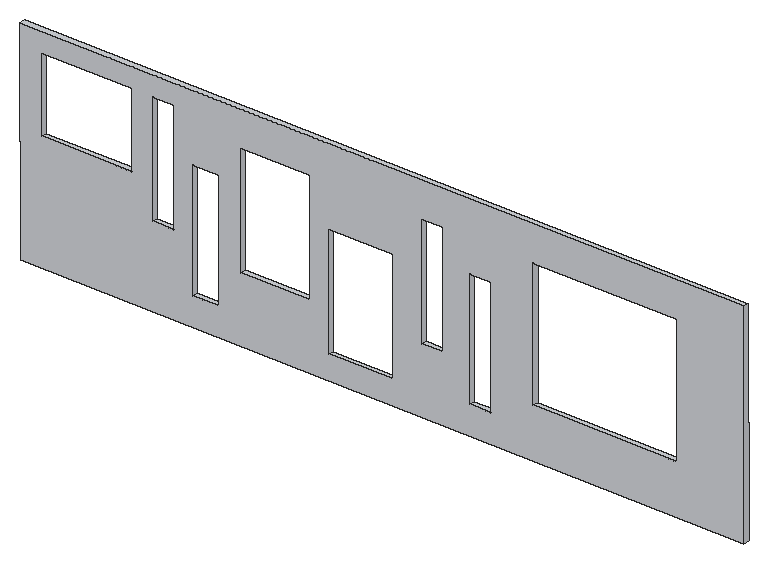
Revit family "TPP_pannello3_family", category Generic Models, Revit 2016
Family settings
  Part Type = Normal
  Can host rebar = No
  Round Connector Dimension = Use Diameter
  Work Plane-Based = No
  Always vertical = Yes
  Cut with Voids When Loaded = No
  Shared = No
  Room Calculation Point = No
Parameters
  Spessore pannello = 10 cm
  Larghezza = 1360 cm
  Altezza pannello = 400 cm
Reference planes (cm)
  plane 1 "Center (Front/Back)": y = 0
  plane 2: z = 0
  plane 3 "Center (Left/Right)": x = 0
  plane 4: x = 1360
  plane 5: y = 130
  plane 6: y = 120
  plane 7: z = 400
Forms (cm)
  Extrusion 1, solid
    sketch origin (0, 0, 0) x (1, 0, 0) y (0, 0, 1)
      loop
        line (0, 400) -> (0, 0) -> (1360, 0) -> (1360, 400) -> (0, 400)
      loop
        line (579.0728, 45.2713) -> (699.0728, 45.2713) -> (699.0728, 255.2713) -> (579.0728, 255.2713) -> (579.0728, 45.2713)
      loop
        line (753.8223, 333.9878) -> (753.8223, 123.9878) -> (793.8223, 123.9878) -> (793.8223, 333.9878) -> (753.8223, 333.9878)
      loop
        line (845.0253, 274.0276) -> (845.0253, 54.0276) -> (885.0253, 54.0276) -> (885.0253, 274.0276) -> (845.0253, 274.0276)
      loop
        line (963.8223, 333.9878) -> (963.8223, 93.9878) -> (1233.8223, 93.9878) -> (1233.8223, 333.9878) -> (963.8223, 333.9878)
      loop
        line (543.8223, 333.9878) -> (413.8223, 333.9878) -> (413.8223, 123.9878) -> (543.8223, 123.9878) -> (543.8223, 333.9878)
      loop
        line (373.8223, 274.0276) -> (323.8223, 274.0276) -> (323.8223, 54.0276) -> (373.8223, 54.0276) -> (373.8223, 274.0276)
      loop
        line (288.6312, 362.8997) -> (248.6312, 362.8997) -> (248.6312, 152.8997) -> (288.6312, 152.8997) -> (288.6312, 362.8997)
      loop
        line (40, 362.8997) -> (40, 222.8997) -> (210, 222.8997) -> (210, 362.8997) -> (40, 362.8997)
    from -130 to -120
Dimensions and locks (cm)
  "Spessore pannello": plane 5 to plane 6
  "Larghezza": plane 3 "Center (Left/Right)" to plane 4
  "Altezza pannello": plane 7 to level
  aligned and locked: level to plane 2
  aligned and locked: Extrusion 1 to plane 7
  aligned and locked: Extrusion 1 to level
  aligned and locked: Extrusion 1 to plane 3 "Center (Left/Right)"
  aligned and locked: plane 4 to Extrusion 1
  aligned and locked: plane 5 to Extrusion 1
  aligned and locked: Extrusion 1 to plane 6
Automatic sketch dimensions
  Extrusion 1 sketch curve to plane 3 "Center (Left/Right)" = 0 cm
  Extrusion 1 sketch curve to plane 4 = 0 cm
  plane 7 to Extrusion 1 sketch curve = 37.1003 cm  (x2)
  plane 3 "Center (Left/Right)" to Extrusion 1 sketch curve = 210 cm
  Extrusion 1 sketch curve to Extrusion 1 sketch curve = 38.6312 cm
  Extrusion 1 sketch curve to Extrusion 1 sketch curve = 40 cm  (x4)
  Extrusion 1 sketch curve to Extrusion 1 sketch curve = 35.191 cm
  Extrusion 1 sketch curve to Extrusion 1 sketch curve = 50 cm
  Extrusion 1 sketch curve to Extrusion 1 sketch curve = 130 cm
  Extrusion 1 sketch curve to Extrusion 1 sketch curve = 35.2505 cm
  Extrusion 1 sketch curve to Extrusion 1 sketch curve = 120 cm
  Extrusion 1 sketch curve to Extrusion 1 sketch curve = 54.7495 cm
  Extrusion 1 sketch curve to Extrusion 1 sketch curve = 51.2031 cm
  Extrusion 1 sketch curve to Extrusion 1 sketch curve = 78.7969 cm
  Extrusion 1 sketch curve to plane 4 = 126.1777 cm
  plane 7 to Extrusion 1 sketch curve = 66.0122 cm  (x3)
  Extrusion 1 sketch curve to Extrusion 1 sketch curve = 59.9602 cm  (x2)
  Extrusion 1 sketch curve to Extrusion 1 sketch curve = 78.7165 cm
  Extrusion 1 sketch curve to Extrusion 1 sketch curve = 51.1278 cm
  Extrusion 1 sketch curve to Extrusion 1 sketch curve = 70 cm
  level to Extrusion 1 sketch curve = 123.9878 cm  (x2)
  level to Extrusion 1 sketch curve = 93.9878 cm
  level to Extrusion 1 sketch curve = 54.0276 cm  (x2)
  level to Extrusion 1 sketch curve = 45.2713 cm
  Extrusion 1 sketch curve to level = 0 cm
  Extrusion 1 sketch curve to plane 7 = 0 cm
  plane 3 "Center (Left/Right)" to Extrusion 1 sketch curve = 40 cm
